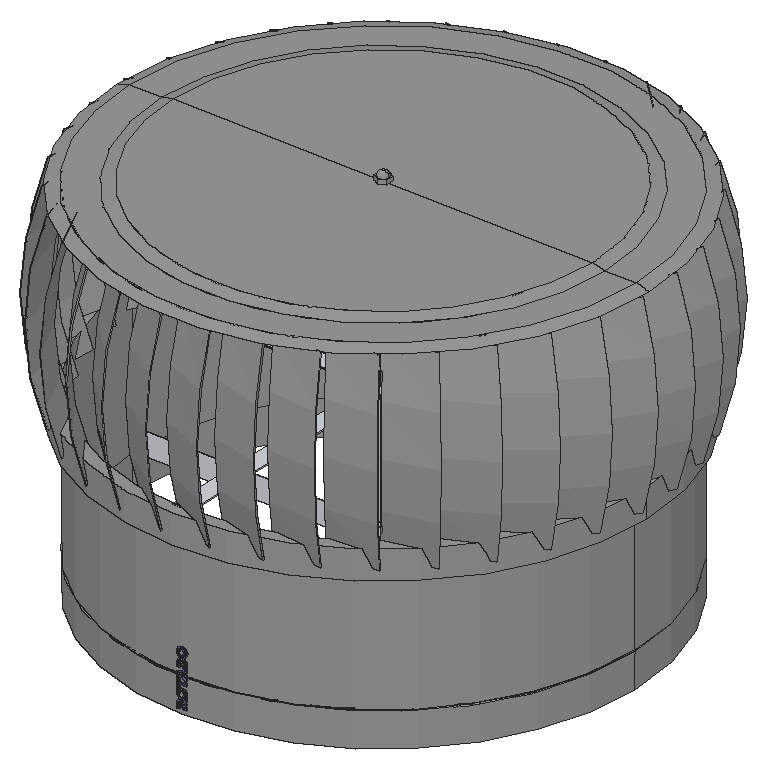
Revit family "ROTADO_РотационныйДефлектор_TST", category Воздухораспределители, Revit 2019
Family settings
  Размер круглого соединителя = Использовать диаметр
  Тип детали = Нормальный
  На основе рабочей плоскости = Нет
  Всегда вертикально = Да
  При загрузке вырезать с полостями = Нет
  Общий = Нет
  Точка расчета площади = Нет
Parameters (values of type "TST-800")
  Угол_Ламель [instance] = atan(((Высота_ламель * 0.5) / (D_1 / 2)) / sqrt(1 - ((Высота_ламель * 0.5) / (D_1 / 2)) * ((Высота_ламель * 0.5) / (D_1 / 2))))  # 20.0123°
  Производитель_Контакты_Телефон = "88007002460"  # constant formula
  Производитель_Контакты_Почта = "sale@rotado.ru"  # constant formula
  Описание = "Вентиляционное вытяжное устройство, предназначенное для защиты воздуховодов и усиления тяги."  # constant formula
  Изготовитель = "ROTADO"  # constant formula
  Длина остатка_Ламель [instance] = (Высота_ламель * 0.5) / tan(Угол_Ламель)  # 422.829 mm
  Высота_ламель = H - 25 mm - h - 17 mm  # 308 mm
  h = 250 mm
  Watermark [instance] = "Модели защищены уникальным кодом"
  URL = "https://rotado.ru/"
  H = 600 mm
  D_1 = 900 mm
  D = 802 mm
  ADSK_Этаж [instance] = ""
  ADSK_Расход воздуха [instance] = 0.0 L/s
  ADSK_Размер_Ширина = 900 mm
  ADSK_Размер_Длина = 900 mm
  ADSK_Размер_Диаметр = 800 mm
  ADSK_Размер_Высота = 600 mm
  ADSK_Примечание [instance] = ""
  ADSK_Потеря давления воздуха [instance] = 0.0 Pa
  ADSK_Позиция [instance] = ""
  ADSK_Обозначение = "ROTADO TST-800"
  ADSK_Наименование краткое [instance] = "Цокольный дефлектор"
  ADSK_Наименование = "Ротационный дефлектор"  # constant formula
  ADSK_Материал = ROTADO_Сталь_Нержавеющая_Оцинкованная
  ADSK_Масса_Текст = "11"
  ADSK_Масса = 11
  ADSK_Марка = ADSK_Обозначение  # "ROTADO TST-800"
  ADSK_Количество = 1  # constant formula
  ADSK_Завод-изготовитель = "ROTADO"  # constant formula
  ADSK_Единица измерения = "шт."  # constant formula
  ADSK_Группирование [instance] = ""
  ADSK_Версия Revit = "2019"  # constant formula
  ADSK_URL страницы изделия = "https://rotado.ru/catalog/turbodeflektory/2-rotado-tst-100-otsinkovannyy-metall/"
  ADSK_URL документации изделия = "https://rotado.ru/catalog/turbodeflektory/2-rotado-tst-100-otsinkovannyy-metall/"
Types (7, lengths in mm): name | Угол_Ламель | Длина остатка_Ламель | Высота_ламель | h | H | D_1 | D | ADSK_Размер_Ширина | ADSK_Размер_Длина | ADSK_Размер_Диаметр | ADSK_Размер_Высота | ADSK_Обозначение | ADSK_Масса_Текст | ADSK_Масса | ADSK_Марка
  TST-315 | 31.2104° | 188.16 | 228 | 100 | 370 | 440 | 317 | 440 | 440 | 315 | 370 | "ROTADO TST-315" | "3" | 3 | "ROTADO TST-315"
  TST-355 | 38.0246° | 196.937 | 308 | 100 | 450 | 500 | 357 | 500 | 500 | 355 | 450 | "ROTADO TST-355" | "3.2" | 3.2 | "ROTADO TST-355"
  TST-400 | 31.5765° | 234.284 | 288 | 200 | 530 | 550 | 402 | 550 | 550 | 400 | 530 | "ROTADO TST-400" | "4" | 4 | "ROTADO TST-400"
  TST-500 | 28.6854° | 263.181 | 288 | 200 | 530 | 600 | 502 | 600 | 600 | 500 | 530 | "ROTADO TST-500" | "5" | 5 | "ROTADO TST-500"
  TST-600 | 22.6437° | 369.167 | 308 | 250 | 600 | 800 | 602 | 800 | 800 | 600 | 600 | "ROTADO TST-600" | "7" | 7 | "ROTADO TST-600"
  TST-680 | 22.6437° | 369.167 | 308 | 250 | 600 | 800 | 682 | 800 | 800 | 680 | 600 | "ROTADO TST-680" | "9" | 9 | "ROTADO TST-680"
  TST-800 | 20.0123° | 422.829 | 308 | 250 | 600 | 900 | 802 | 900 | 900 | 800 | 600 | "ROTADO TST-800" | "11" | 11 | "ROTADO TST-800"
Reference planes
  plane 1 "По центру (Вперед/Назад)": y = 0
  plane 2: z = 0
  plane 3 "По центру (Влево/Вправо)": x = 0
  plane 4: x = -401
  plane 5: x = 401
  plane 6: y = 401
  plane 7: y = -401
  plane 8: z = 55
  plane 9: z = 250
  plane 10: z = 295
  plane 11: x = -400
  plane 12: z = 54
  plane 13: x = -400
  plane 14: z = 56
  plane 15: x = -420
  plane 16: z = 267
  plane 17: z = 600
  plane 18: x = -450
  plane 19: x = 450
  plane 20: y = -450
  plane 21: y = 450
  plane 22: z = 575
  plane 23: z = 580
  plane 24: z = 585
  plane 25: z = 421
  plane 26: z = 641
  plane 27: x = -422.829
  plane 28: x = -402.829
  plane 29: x = -332.829
  plane 30: x = -352.829
  plane 31: z = 592
  plane 32: x = -10.176
  plane 33: x = 10.176
  plane 34: y = -5
  plane 35: z = 100
  plane 36: y = -15
  plane 37: z = 294
  plane 38: z = 294
  plane 39: x = -400
  plane 40: x = 400
  plane 41: z = 95
  plane 42: z = 60
  plane 43: x = -419
Forms (mm)
  Revolve 1, solid, material "ROTADO_Сталь_Нержавеющая_Оцинкованная" <- "ADSK_Материал", detail levels medium+fine
    sketch origin (0, 0, 0) x (1, 0, 0) y (0, 0, 1)
      loop
        line (-401, 0) -> (-400, 0) -> (-400, 55) -> (-401, 54) -> (-401, 0)
      axis (0, 0) -> (0, 55)
    angle from 0 to 360
  Revolve 2, solid, material "ROTADO_Сталь_Нержавеющая_Оцинкованная" <- "ADSK_Материал", detail levels medium+fine
    sketch origin (0, 0, 0) x (1, 0, 0) y (0, 0, 1)
      loop
        line (-400, 295) -> (-420, 295) -> (-420, 250) -> (-419, 250) -> (-419, 294) -> (-401, 294) -> (-401, 56) -> (-400, 55) -> (-400, 295)
      axis (0, 55) -> (0, 295)
    angle from 0 to 360
  Revolve 3, solid, material "ROTADO_Сталь_Нержавеющая_Оцинкованная" <- "ADSK_Материал", detail levels medium+fine
    sketch origin (0, 0, 0) x (1, 0, 0) y (0, 0, 1)
      loop
        line (0, 585) -> (-332.829, 585) -> (-352.829, 580) -> (-402.829, 580) -> (-422.829, 575) -> (0, 575) -> (0, 585)
      axis (0, 575) -> (0, 585)
    angle from 0 to 360
  Extrusion 4, solid, material "ROTADO_Сталь_Нержавеющая_Оцинкованная" <- "ADSK_Материал", detail levels medium+fine
    sketch origin (0, 0, 0) x (1, 0, 0) y (0, 1, 0)
      loop
        line (0, -11.75) -> (10.176, -5.875) -> (10.176, 5.875) -> (0, 11.75) -> (-10.176, 5.875) -> (-10.176, -5.875) -> (0, -11.75)
    from 585 to 592
  Revolve 5, solid, material "ROTADO_Сталь_Нержавеющая_Оцинкованная" <- "ADSK_Материал", detail levels medium+fine
    sketch origin (0, 0, 0) x (1, 0, 0) y (0, 0, 1)
      loop
        arc (0, 600) -> (-5.657, 597.657) -> (-8, 592) r 8
        line (-8, 592) -> (0, 592) -> (0, 600)
      axis (0, 592) -> (0, 600)
    angle from 0 to 360
  Revolve 6, solid, detail levels medium+fine
    sketch origin (0, 0, 0) x (0, 1, 0) y (0, 0, 1)
      loop
        line (0, 55) -> (0, 575) -> (-5, 575) -> (-5, 100) -> (-15, 100) -> (-15, 55) -> (0, 55)
      axis (0, 575) -> (0, 55)
    angle from 0 to 360
  Extrusion 7, solid, detail levels medium+fine
    sketch origin (0, 0, 0) x (1, 0, 0) y (0, 1, 0)
      loop
        line (401, 15) -> (15, 15) -> (15, 401) -> (-15, 401) -> (-15, 15) -> (-401, 15) -> (-401, -15) -> (-15, -15) -> (-15, -401) -> (15, -401) -> (15, -15) -> (401, -15) -> (401, 15)
    from 294 to 295
  Extrusion 8, solid, detail levels medium+fine
    sketch origin (0, 0, 0) x (1, 0, 0) y (0, 0, 1)
      loop
        line (-400, 95) -> (-400, 60) -> (400, 60) -> (400, 95) -> (-400, 95)
    from -1 to 1
Dimensions and locks
  equal spacing: plane 4, plane 3 "По центру (Влево/Вправо)", plane 5
  "D": plane 4 to plane 5
  equal spacing: plane 6, plane 1 "По центру (Вперед/Назад)", plane 7
  "D": plane 6 to plane 7
  "h": plane 9 to plane 2
  locked: plane 8 to plane 2 at 55
  locked: plane 10 to plane 9 at 45
  locked: plane 8 to plane 12 at 1
  locked: plane 11 to plane 4 at 1
  locked: plane 14 to plane 8 at 1
  locked: plane 13 to plane 4 at 1
  locked: plane 16 to plane 9 at 17
  "H": plane 17 to plane 2
  equal spacing: plane 20, plane 1 "По центру (Вперед/Назад)", plane 21
  equal spacing: plane 18, plane 3 "По центру (Влево/Вправо)", plane 19
  "D_1": plane 18 to plane 19
  "D_1": plane 21 to plane 20
  locked: plane 17 to plane 22 at 25
  equal spacing: plane 22, plane 25, plane 16
  plane 26 to plane 25 = 220 mm
  "Длина остатка_Ламель": plane 3 "По центру (Влево/Вправо)" to plane 27
  locked: plane 28 to plane 27 at 20
  locked: plane 30 to plane 28 at 50
  locked: plane 29 to plane 30 at 20
  locked: plane 15 to plane 18 at 30
  locked: plane 23 to plane 22 at 5
  locked: plane 24 to plane 23 at 5
  locked: plane 31 to plane 24 at 7
  plane 32 to plane 3 "По центру (Влево/Вправо)" to plane 33 = 10.176 mm locked, 10.176 mm locked
  Extrusion 4 sketch curve to plane 1 "По центру (Вперед/Назад)" to Extrusion 4 sketch curve = 11.75 mm locked, 11.75 mm locked
  locked: plane 1 "По центру (Вперед/Назад)" to plane 34 at 5
  locked: plane 37 to plane 10 at 1
  equal spacing: Extrusion 7 sketch curve, plane 1 "По центру (Вперед/Назад)", Extrusion 7 sketch curve
  locked: Extrusion 7 sketch curve to Extrusion 7 sketch curve at 30  (x2)
  equal spacing: Extrusion 7 sketch curve, plane 3 "По центру (Влево/Вправо)", Extrusion 7 sketch curve
  locked: plane 10 to plane 38 at 1
  locked: plane 39 to plane 4 at 1
  locked: plane 5 to plane 40 at 1
  locked: plane 42 to plane 8 at 5
  locked: plane 41 to plane 42 at 35
  locked: plane 35 to plane 8 at 45
  locked: plane 43 to plane 15 at 1
  locked: Extrusion 4 sketch curve to Extrusion 4 sketch curve (angle 120.00°)  (x5)
  aligned and locked: level to plane 2
  aligned and locked: plane 3 "По центру (Влево/Вправо)" to Revolve 1 sketch curve
  aligned and locked: plane 4 to Revolve 1 sketch curve  (x2)
  aligned and locked: plane 12 to Revolve 1 sketch curve
  aligned and locked: plane 10 to Revolve 2 sketch curve
  aligned and locked: Revolve 2 sketch curve to plane 15
  aligned and locked: Revolve 2 sketch curve to plane 4
  aligned and locked: plane 14 to Revolve 2 sketch curve
  aligned and locked: plane 4 to Revolve 2 sketch curve
  aligned and locked: plane 3 "По центру (Влево/Вправо)" to Revolve 2 sketch curve
  aligned and locked: plane 3 "По центру (Влево/Вправо)" to nested 1
  aligned and locked: plane 1 "По центру (Вперед/Назад)" to nested 1
  aligned and locked: nested 1 to plane 25
  aligned and locked: plane 3 "По центру (Влево/Вправо)" to Revolve 3 sketch curve
  aligned and locked: Revolve 3 sketch curve to plane 22
  aligned and locked: nested 1 to Revolve 3 sketch curve
  aligned and locked: plane 24 to Revolve 3 sketch curve  (x2)
  aligned and locked: plane 27 to Revolve 3 sketch curve
  aligned and locked: plane 28 to Revolve 3 sketch curve
  aligned and locked: plane 29 to Revolve 3 sketch curve
  aligned and locked: plane 23 to Revolve 3 sketch curve  (x2)
  aligned and locked: plane 30 to Revolve 3 sketch curve
  aligned and locked: Extrusion 4 to plane 24
  aligned and locked: plane 31 to Extrusion 4
  aligned and locked: plane 3 "По центру (Влево/Вправо)" to Revolve 5 sketch curve
  aligned and locked: plane 31 to Revolve 5 sketch curve  (x2)
  aligned and locked: Revolve 5 sketch curve to plane 3 "По центру (Влево/Вправо)"
  aligned and locked: plane 17 to Revolve 5 sketch curve
  aligned and locked: plane 33 to Extrusion 4 sketch curve
  aligned and locked: Extrusion 4 sketch curve to plane 32
  aligned and locked: plane 8 to nested 2
  aligned and locked: plane 8 to Revolve 1 sketch curve
  aligned and locked: plane 2 to Revolve 1 sketch curve
  aligned and locked: plane 11 to Revolve 1 sketch curve
  aligned and locked: Revolve 1 sketch curve to plane 2
  aligned and locked: plane 13 to Revolve 2 sketch curve  (x2)
  aligned and locked: plane 34 to Revolve 6 sketch curve
  aligned and locked: plane 35 to Revolve 6 sketch curve
  aligned and locked: plane 36 to Revolve 6 sketch curve
  aligned and locked: plane 1 "По центру (Вперед/Назад)" to Revolve 6 sketch curve
  aligned and locked: plane 22 to Revolve 6 sketch curve  (x2)
  aligned and locked: Revolve 6 sketch curve to plane 1 "По центру (Вперед/Назад)"
  aligned and locked: plane 4 to Extrusion 7 sketch curve
  aligned and locked: Extrusion 7 sketch curve to plane 5
  aligned and locked: Extrusion 7 to plane 10
  aligned and locked: Extrusion 7 to plane 38
  aligned and locked: Extrusion 8 sketch curve to plane 41
  aligned and locked: Extrusion 8 sketch curve to plane 42
  aligned and locked: Extrusion 8 sketch curve to plane 40
  aligned and locked: Extrusion 8 sketch curve to plane 39
  aligned and locked: Revolve 6 sketch curve to plane 8
  aligned and locked: Revolve 2 sketch curve to plane 43
Automatic sketch dimensions
  plane 23 to Revolve 3 sketch curve = 5 mm
  plane 17 to Revolve 3 sketch curve = 35 mm
  Extrusion 4 sketch curve to plane 3 "По центру (Влево/Вправо)" = 0 mm  (x2)
  Revolve 1 sketch curve to level = 235 mm
  Revolve 1 sketch curve to plane 25 = 11 mm
  Revolve 6 sketch curve to level = 520.992 mm
  plane 17 to Revolve 6 sketch curve = 2371.474 mm
  Revolve 5 sketch curve to plane 24 = 1.297 mm
  Revolve 5 sketch curve to Revolve 5 sketch curve = 8.703 mm
  Extrusion 7 sketch curve to plane 7 = 0 mm
  Extrusion 7 sketch curve to plane 6 = 0 mm
  Extrusion 7 sketch curve to plane 3 "По центру (Влево/Вправо)" = 15 mm
  plane 3 "По центру (Влево/Вправо)" to Extrusion 7 sketch curve = 15 mm
  plane 1 "По центру (Вперед/Назад)" to Extrusion 7 sketch curve = 15 mm
  Extrusion 7 sketch curve to plane 1 "По центру (Вперед/Назад)" = 15 mm
  Revolve 2 sketch curve to plane 37 = 0 mm
  Revolve 2 sketch curve to plane 9 = 0 mm
  Revolve 2 sketch curve to plane 8 = 0 mm
  Revolve 2 sketch curve to level = 95 mm
  plane 25 to Revolve 2 sketch curve = 4 mm
Nested families
  nested 1: "ROTADO_NOSHD_Ламель_Массив" at (0, 0, 421), Диаметр_Ламель <- "D_1", Высота_Ламель <- "Высота_ламель", Материал_Ламель <- "ADSK_Материал", type "ROTADO_NOSHD_Ламель_Массив", detail levels medium+fine
    with Ширина_Ламель 60 mm, Шаг_Ламель 10 mm, Материал_Ламель ROTADO_Сталь_Нержавеющая_Оцинкованная, Количество_Ламель 72, Диаметр_Ламель 900 mm, Высота_Ламель 308 mm
  nested 2: "RORADO_Logo_MIN" at (0.292, -401, -68.177) x (0, 0, 1) z (0.0007, -1, 0), type "RORADO_Logo_MIN", detail levels medium+fine
    with Толщина текста 2 mm, h2 -2 mm
Connectors
  hvac at (0, 0, 0), driven by "ADSK_Расход воздуха", driven by "ADSK_Размер_Диаметр", driven by "ADSK_Потеря давления воздуха"
    settings: on Revolve 1, index 1, duct flow 0.0 L/s, flow factor 0, pres drop 0.0 Pa, loss coef 0, conn angle 0.00°, conn width 304.8 mm, conn height 304.8 mm, conn diameter 800 mm, duct sys type 3, conn prof type 0, flow config 0, flow direction 1, loss method 4, conn ref index -1, conn util no, is conn primary yes, conn desc ""
Definition of nested family "ROTADO_NOSHD_Ламель_Массив"
  Parameters (values of type "ROTADO_NOSHD_Ламель_Массив")
    Ширина_Ламель [instance] = 60 mm  # constant formula
    Шаг_Ламель [instance] = 10 mm  # constant formula
    Description = ""
    Материал_Ламель [instance] = none
    Количество_Ламель [instance] = 72  # constant formula
    Manufacturer = ""
    Диаметр_Ламель [instance] = 440 mm
    Высота_Ламель [instance] = 228 mm
  Reference planes
    plane 1 "По центру (Вперед/Назад)": y = 0
    plane 2: z = 0
    plane 3 "По центру (Влево/Вправо)": x = 0
  Dimensions and locks
    aligned and locked: level to plane 2
  Nested families
    nested 1: "ROTADO_NOSHD_Ламель" at (0, 0, 0) x (0.9578, -0.2873, 0) z (0, 0, 1), Ламель_Высота_H <- "Высота_Ламель", Ламель_ВнешняяГраница_D1 <- "Диаметр_Ламель", Материал_Ламель <- "Материал_Ламель", type "ROTADO_NOSHD_Ламель"
      with Материал_Ламель none, Ламель_Ширина 70 mm, Ламель_Высота_НижеОси_h2 114 mm, Ламель_Высота_ВышеОси_h1 114 mm, Ламель_Высота_H 228 mm, Ламель_ВнутренняяГраница_d1 370 mm, Ламель_ВнешняяГраница_D1 440 mm, d2 368 mm, D2 438 mm
    nested 2: "ROTADO_NOSHD_Ламель" at (0, 0, 0) x (0.9932, -0.1167, 0) z (0, 0, 1), Ламель_Высота_H <- "Высота_Ламель", Ламель_ВнешняяГраница_D1 <- "Диаметр_Ламель", Материал_Ламель <- "Материал_Ламель", type "ROTADO_NOSHD_Ламель"
      with Материал_Ламель none, Ламель_Ширина 70 mm, Ламель_Высота_НижеОси_h2 114 mm, Ламель_Высота_ВышеОси_h1 114 mm, Ламель_Высота_H 228 mm, Ламель_ВнутренняяГраница_d1 370 mm, Ламель_ВнешняяГраница_D1 440 mm, d2 368 mm, D2 438 mm
    nested 3: "ROTADO_NOSHD_Ламель" at (0, 0, 0) x (0.9983, 0.0576, 0) z (0, 0, 1), Ламель_Высота_H <- "Высота_Ламель", Ламель_ВнешняяГраница_D1 <- "Диаметр_Ламель", Материал_Ламель <- "Материал_Ламель", type "ROTADO_NOSHD_Ламель"
      with Материал_Ламель none, Ламель_Ширина 70 mm, Ламель_Высота_НижеОси_h2 114 mm, Ламель_Высота_ВышеОси_h1 114 mm, Ламель_Высота_H 228 mm, Ламель_ВнутренняяГраница_d1 370 mm, Ламель_ВнешняяГраница_D1 440 mm, d2 368 mm, D2 438 mm
    nested 4: "ROTADO_NOSHD_Ламель" at (0, 0, 0) x (0.9732, 0.2301, 0) z (0, 0, 1), Ламель_Высота_H <- "Высота_Ламель", Ламель_ВнешняяГраница_D1 <- "Диаметр_Ламель", Материал_Ламель <- "Материал_Ламель", type "ROTADO_NOSHD_Ламель"
      with Материал_Ламель none, Ламель_Ширина 70 mm, Ламель_Высота_НижеОси_h2 114 mm, Ламель_Высота_ВышеОси_h1 114 mm, Ламель_Высота_H 228 mm, Ламель_ВнутренняяГраница_d1 370 mm, Ламель_ВнешняяГраница_D1 440 mm, d2 368 mm, D2 438 mm
    nested 5: "ROTADO_NOSHD_Ламель" at (0, 0, 0) x (0.9184, 0.3956, 0) z (0, 0, 1), Ламель_Высота_H <- "Высота_Ламель", Ламель_ВнешняяГраница_D1 <- "Диаметр_Ламель", Материал_Ламель <- "Материал_Ламель", type "ROTADO_NOSHD_Ламель"
      with Материал_Ламель none, Ламель_Ширина 70 mm, Ламель_Высота_НижеОси_h2 114 mm, Ламель_Высота_ВышеОси_h1 114 mm, Ламель_Высота_H 228 mm, Ламель_ВнутренняяГраница_d1 370 mm, Ламель_ВнешняяГраница_D1 440 mm, d2 368 mm, D2 438 mm
    nested 6: "ROTADO_NOSHD_Ламель" at (0, 0, 0) x (0.8358, 0.549, 0) z (0, 0, 1), Ламель_Высота_H <- "Высота_Ламель", Ламель_ВнешняяГраница_D1 <- "Диаметр_Ламель", Материал_Ламель <- "Материал_Ламель", type "ROTADO_NOSHD_Ламель"
      with Материал_Ламель none, Ламель_Ширина 70 mm, Ламель_Высота_НижеОси_h2 114 mm, Ламель_Высота_ВышеОси_h1 114 mm, Ламель_Высота_H 228 mm, Ламель_ВнутренняяГраница_d1 370 mm, Ламель_ВнешняяГраница_D1 440 mm, d2 368 mm, D2 438 mm
    nested 7: "ROTADO_NOSHD_Ламель" at (0, 0, 0) x (0.7278, 0.6858, 0) z (0, 0, 1), Ламель_Высота_H <- "Высота_Ламель", Ламель_ВнешняяГраница_D1 <- "Диаметр_Ламель", Материал_Ламель <- "Материал_Ламель", type "ROTADO_NOSHD_Ламель"
      with Материал_Ламель none, Ламель_Ширина 70 mm, Ламель_Высота_НижеОси_h2 114 mm, Ламель_Высота_ВышеОси_h1 114 mm, Ламель_Высота_H 228 mm, Ламель_ВнутренняяГраница_d1 370 mm, Ламель_ВнешняяГраница_D1 440 mm, d2 368 mm, D2 438 mm
    nested 8: "ROTADO_NOSHD_Ламель" at (0, 0, 0) x (0.5976, 0.8018, 0) z (0, 0, 1), Ламель_Высота_H <- "Высота_Ламель", Ламель_ВнешняяГраница_D1 <- "Диаметр_Ламель", Материал_Ламель <- "Материал_Ламель", type "ROTADO_NOSHD_Ламель"
      with Материал_Ламель none, Ламель_Ширина 70 mm, Ламель_Высота_НижеОси_h2 114 mm, Ламель_Высота_ВышеОси_h1 114 mm, Ламель_Высота_H 228 mm, Ламель_ВнутренняяГраница_d1 370 mm, Ламель_ВнешняяГраница_D1 440 mm, d2 368 mm, D2 438 mm
    nested 9: "ROTADO_NOSHD_Ламель" at (0, 0, 0) x (0.4493, 0.8934, 0) z (0, 0, 1), Ламель_Высота_H <- "Высота_Ламель", Ламель_ВнешняяГраница_D1 <- "Диаметр_Ламель", Материал_Ламель <- "Материал_Ламель", type "ROTADO_NOSHD_Ламель"
      with Материал_Ламель none, Ламель_Ширина 70 mm, Ламель_Высота_НижеОси_h2 114 mm, Ламель_Высота_ВышеОси_h1 114 mm, Ламель_Высота_H 228 mm, Ламель_ВнутренняяГраница_d1 370 mm, Ламель_ВнешняяГраница_D1 440 mm, d2 368 mm, D2 438 mm
    nested 10: "ROTADO_NOSHD_Ламель" at (0, 0, 0) x (0.2873, 0.9578, 0) z (0, 0, 1), Ламель_Высота_H <- "Высота_Ламель", Ламель_ВнешняяГраница_D1 <- "Диаметр_Ламель", Материал_Ламель <- "Материал_Ламель", type "ROTADO_NOSHD_Ламель"
      with Материал_Ламель none, Ламель_Ширина 70 mm, Ламель_Высота_НижеОси_h2 114 mm, Ламель_Высота_ВышеОси_h1 114 mm, Ламель_Высота_H 228 mm, Ламель_ВнутренняяГраница_d1 370 mm, Ламель_ВнешняяГраница_D1 440 mm, d2 368 mm, D2 438 mm
    nested 11: "ROTADO_NOSHD_Ламель" at (0, 0, 0) x (0.1167, 0.9932, 0) z (0, 0, 1), Ламель_Высота_H <- "Высота_Ламель", Ламель_ВнешняяГраница_D1 <- "Диаметр_Ламель", Материал_Ламель <- "Материал_Ламель", type "ROTADO_NOSHD_Ламель"
      with Материал_Ламель none, Ламель_Ширина 70 mm, Ламель_Высота_НижеОси_h2 114 mm, Ламель_Высота_ВышеОси_h1 114 mm, Ламель_Высота_H 228 mm, Ламель_ВнутренняяГраница_d1 370 mm, Ламель_ВнешняяГраница_D1 440 mm, d2 368 mm, D2 438 mm
    nested 12: "ROTADO_NOSHD_Ламель" at (0, 0, 0) x (-0.0576, 0.9983, 0) z (0, 0, 1), Ламель_Высота_H <- "Высота_Ламель", Ламель_ВнешняяГраница_D1 <- "Диаметр_Ламель", Материал_Ламель <- "Материал_Ламель", type "ROTADO_NOSHD_Ламель"
      with Материал_Ламель none, Ламель_Ширина 70 mm, Ламель_Высота_НижеОси_h2 114 mm, Ламель_Высота_ВышеОси_h1 114 mm, Ламель_Высота_H 228 mm, Ламель_ВнутренняяГраница_d1 370 mm, Ламель_ВнешняяГраница_D1 440 mm, d2 368 mm, D2 438 mm
    nested 13: "ROTADO_NOSHD_Ламель" at (0, 0, 0) x (-0.2301, 0.9732, 0) z (0, 0, 1), Ламель_Высота_H <- "Высота_Ламель", Ламель_ВнешняяГраница_D1 <- "Диаметр_Ламель", Материал_Ламель <- "Материал_Ламель", type "ROTADO_NOSHD_Ламель"
      with Материал_Ламель none, Ламель_Ширина 70 mm, Ламель_Высота_НижеОси_h2 114 mm, Ламель_Высота_ВышеОси_h1 114 mm, Ламель_Высота_H 228 mm, Ламель_ВнутренняяГраница_d1 370 mm, Ламель_ВнешняяГраница_D1 440 mm, d2 368 mm, D2 438 mm
    nested 14: "ROTADO_NOSHD_Ламель" at (0, 0, 0) x (-0.3956, 0.9184, 0) z (0, 0, 1), Ламель_Высота_H <- "Высота_Ламель", Ламель_ВнешняяГраница_D1 <- "Диаметр_Ламель", Материал_Ламель <- "Материал_Ламель", type "ROTADO_NOSHD_Ламель"
      with Материал_Ламель none, Ламель_Ширина 70 mm, Ламель_Высота_НижеОси_h2 114 mm, Ламель_Высота_ВышеОси_h1 114 mm, Ламель_Высота_H 228 mm, Ламель_ВнутренняяГраница_d1 370 mm, Ламель_ВнешняяГраница_D1 440 mm, d2 368 mm, D2 438 mm
    nested 15: "ROTADO_NOSHD_Ламель" at (0, 0, 0) x (-0.549, 0.8358, 0) z (0, 0, 1), Ламель_Высота_H <- "Высота_Ламель", Ламель_ВнешняяГраница_D1 <- "Диаметр_Ламель", Материал_Ламель <- "Материал_Ламель", type "ROTADO_NOSHD_Ламель"
      with Материал_Ламель none, Ламель_Ширина 70 mm, Ламель_Высота_НижеОси_h2 114 mm, Ламель_Высота_ВышеОси_h1 114 mm, Ламель_Высота_H 228 mm, Ламель_ВнутренняяГраница_d1 370 mm, Ламель_ВнешняяГраница_D1 440 mm, d2 368 mm, D2 438 mm
    nested 16: "ROTADO_NOSHD_Ламель" at (0, 0, 0) x (-0.6858, 0.7278, 0) z (0, 0, 1), Ламель_Высота_H <- "Высота_Ламель", Ламель_ВнешняяГраница_D1 <- "Диаметр_Ламель", Материал_Ламель <- "Материал_Ламель", type "ROTADO_NOSHD_Ламель"
      with Материал_Ламель none, Ламель_Ширина 70 mm, Ламель_Высота_НижеОси_h2 114 mm, Ламель_Высота_ВышеОси_h1 114 mm, Ламель_Высота_H 228 mm, Ламель_ВнутренняяГраница_d1 370 mm, Ламель_ВнешняяГраница_D1 440 mm, d2 368 mm, D2 438 mm
    nested 17: "ROTADO_NOSHD_Ламель" at (0, 0, 0) x (-0.8018, 0.5976, 0) z (0, 0, 1), Ламель_Высота_H <- "Высота_Ламель", Ламель_ВнешняяГраница_D1 <- "Диаметр_Ламель", Материал_Ламель <- "Материал_Ламель", type "ROTADO_NOSHD_Ламель"
      with Материал_Ламель none, Ламель_Ширина 70 mm, Ламель_Высота_НижеОси_h2 114 mm, Ламель_Высота_ВышеОси_h1 114 mm, Ламель_Высота_H 228 mm, Ламель_ВнутренняяГраница_d1 370 mm, Ламель_ВнешняяГраница_D1 440 mm, d2 368 mm, D2 438 mm
    nested 18: "ROTADO_NOSHD_Ламель" at (0, 0, 0) x (-0.8934, 0.4493, 0) z (0, 0, 1), Ламель_Высота_H <- "Высота_Ламель", Ламель_ВнешняяГраница_D1 <- "Диаметр_Ламель", Материал_Ламель <- "Материал_Ламель", type "ROTADO_NOSHD_Ламель"
      with Материал_Ламель none, Ламель_Ширина 70 mm, Ламель_Высота_НижеОси_h2 114 mm, Ламель_Высота_ВышеОси_h1 114 mm, Ламель_Высота_H 228 mm, Ламель_ВнутренняяГраница_d1 370 mm, Ламель_ВнешняяГраница_D1 440 mm, d2 368 mm, D2 438 mm
    nested 19: "ROTADO_NOSHD_Ламель" at (0, 0, 0) x (-0.9578, 0.2873, 0) z (0, 0, 1), Ламель_Высота_H <- "Высота_Ламель", Ламель_ВнешняяГраница_D1 <- "Диаметр_Ламель", Материал_Ламель <- "Материал_Ламель", type "ROTADO_NOSHD_Ламель"
      with Материал_Ламель none, Ламель_Ширина 70 mm, Ламель_Высота_НижеОси_h2 114 mm, Ламель_Высота_ВышеОси_h1 114 mm, Ламель_Высота_H 228 mm, Ламель_ВнутренняяГраница_d1 370 mm, Ламель_ВнешняяГраница_D1 440 mm, d2 368 mm, D2 438 mm
    nested 20: "ROTADO_NOSHD_Ламель" at (0, 0, 0) x (-0.9932, 0.1167, 0) z (0, 0, 1), Ламель_Высота_H <- "Высота_Ламель", Ламель_ВнешняяГраница_D1 <- "Диаметр_Ламель", Материал_Ламель <- "Материал_Ламель", type "ROTADO_NOSHD_Ламель"
      with Материал_Ламель none, Ламель_Ширина 70 mm, Ламель_Высота_НижеОси_h2 114 mm, Ламель_Высота_ВышеОси_h1 114 mm, Ламель_Высота_H 228 mm, Ламель_ВнутренняяГраница_d1 370 mm, Ламель_ВнешняяГраница_D1 440 mm, d2 368 mm, D2 438 mm
    nested 21: "ROTADO_NOSHD_Ламель" at (0, 0, 0) x (-0.9983, -0.0576, 0) z (0, 0, 1), Ламель_Высота_H <- "Высота_Ламель", Ламель_ВнешняяГраница_D1 <- "Диаметр_Ламель", Материал_Ламель <- "Материал_Ламель", type "ROTADO_NOSHD_Ламель"
      with Материал_Ламель none, Ламель_Ширина 70 mm, Ламель_Высота_НижеОси_h2 114 mm, Ламель_Высота_ВышеОси_h1 114 mm, Ламель_Высота_H 228 mm, Ламель_ВнутренняяГраница_d1 370 mm, Ламель_ВнешняяГраница_D1 440 mm, d2 368 mm, D2 438 mm
    nested 22: "ROTADO_NOSHD_Ламель" at (0, 0, 0) x (-0.9732, -0.2301, 0) z (0, 0, 1), Ламель_Высота_H <- "Высота_Ламель", Ламель_ВнешняяГраница_D1 <- "Диаметр_Ламель", Материал_Ламель <- "Материал_Ламель", type "ROTADO_NOSHD_Ламель"
      with Материал_Ламель none, Ламель_Ширина 70 mm, Ламель_Высота_НижеОси_h2 114 mm, Ламель_Высота_ВышеОси_h1 114 mm, Ламель_Высота_H 228 mm, Ламель_ВнутренняяГраница_d1 370 mm, Ламель_ВнешняяГраница_D1 440 mm, d2 368 mm, D2 438 mm
    nested 23: "ROTADO_NOSHD_Ламель" at (0, 0, 0) x (-0.9184, -0.3956, 0) z (0, 0, 1), Ламель_Высота_H <- "Высота_Ламель", Ламель_ВнешняяГраница_D1 <- "Диаметр_Ламель", Материал_Ламель <- "Материал_Ламель", type "ROTADO_NOSHD_Ламель"
      with Материал_Ламель none, Ламель_Ширина 70 mm, Ламель_Высота_НижеОси_h2 114 mm, Ламель_Высота_ВышеОси_h1 114 mm, Ламель_Высота_H 228 mm, Ламель_ВнутренняяГраница_d1 370 mm, Ламель_ВнешняяГраница_D1 440 mm, d2 368 mm, D2 438 mm
    nested 24: "ROTADO_NOSHD_Ламель" at (0, 0, 0) x (-0.8358, -0.549, 0) z (0, 0, 1), Ламель_Высота_H <- "Высота_Ламель", Ламель_ВнешняяГраница_D1 <- "Диаметр_Ламель", Материал_Ламель <- "Материал_Ламель", type "ROTADO_NOSHD_Ламель"
      with Материал_Ламель none, Ламель_Ширина 70 mm, Ламель_Высота_НижеОси_h2 114 mm, Ламель_Высота_ВышеОси_h1 114 mm, Ламель_Высота_H 228 mm, Ламель_ВнутренняяГраница_d1 370 mm, Ламель_ВнешняяГраница_D1 440 mm, d2 368 mm, D2 438 mm
    nested 25: "ROTADO_NOSHD_Ламель" at (0, 0, 0) x (-0.7278, -0.6858, 0) z (0, 0, 1), Ламель_Высота_H <- "Высота_Ламель", Ламель_ВнешняяГраница_D1 <- "Диаметр_Ламель", Материал_Ламель <- "Материал_Ламель", type "ROTADO_NOSHD_Ламель"
      with Материал_Ламель none, Ламель_Ширина 70 mm, Ламель_Высота_НижеОси_h2 114 mm, Ламель_Высота_ВышеОси_h1 114 mm, Ламель_Высота_H 228 mm, Ламель_ВнутренняяГраница_d1 370 mm, Ламель_ВнешняяГраница_D1 440 mm, d2 368 mm, D2 438 mm
    nested 26: "ROTADO_NOSHD_Ламель" at (0, 0, 0) x (-0.5976, -0.8018, 0) z (0, 0, 1), Ламель_Высота_H <- "Высота_Ламель", Ламель_ВнешняяГраница_D1 <- "Диаметр_Ламель", Материал_Ламель <- "Материал_Ламель", type "ROTADO_NOSHD_Ламель"
      with Материал_Ламель none, Ламель_Ширина 70 mm, Ламель_Высота_НижеОси_h2 114 mm, Ламель_Высота_ВышеОси_h1 114 mm, Ламель_Высота_H 228 mm, Ламель_ВнутренняяГраница_d1 370 mm, Ламель_ВнешняяГраница_D1 440 mm, d2 368 mm, D2 438 mm
    nested 27: "ROTADO_NOSHD_Ламель" at (0, 0, 0) x (-0.4493, -0.8934, 0) z (0, 0, 1), Ламель_Высота_H <- "Высота_Ламель", Ламель_ВнешняяГраница_D1 <- "Диаметр_Ламель", Материал_Ламель <- "Материал_Ламель", type "ROTADO_NOSHD_Ламель"
      with Материал_Ламель none, Ламель_Ширина 70 mm, Ламель_Высота_НижеОси_h2 114 mm, Ламель_Высота_ВышеОси_h1 114 mm, Ламель_Высота_H 228 mm, Ламель_ВнутренняяГраница_d1 370 mm, Ламель_ВнешняяГраница_D1 440 mm, d2 368 mm, D2 438 mm
    nested 28: "ROTADO_NOSHD_Ламель" at (0, 0, 0) x (-0.2873, -0.9578, 0) z (0, 0, 1), Ламель_Высота_H <- "Высота_Ламель", Ламель_ВнешняяГраница_D1 <- "Диаметр_Ламель", Материал_Ламель <- "Материал_Ламель", type "ROTADO_NOSHD_Ламель"
      with Материал_Ламель none, Ламель_Ширина 70 mm, Ламель_Высота_НижеОси_h2 114 mm, Ламель_Высота_ВышеОси_h1 114 mm, Ламель_Высота_H 228 mm, Ламель_ВнутренняяГраница_d1 370 mm, Ламель_ВнешняяГраница_D1 440 mm, d2 368 mm, D2 438 mm
    nested 29: "ROTADO_NOSHD_Ламель" at (0, 0, 0) x (-0.1167, -0.9932, 0) z (0, 0, 1), Ламель_Высота_H <- "Высота_Ламель", Ламель_ВнешняяГраница_D1 <- "Диаметр_Ламель", Материал_Ламель <- "Материал_Ламель", type "ROTADO_NOSHD_Ламель"
      with Материал_Ламель none, Ламель_Ширина 70 mm, Ламель_Высота_НижеОси_h2 114 mm, Ламель_Высота_ВышеОси_h1 114 mm, Ламель_Высота_H 228 mm, Ламель_ВнутренняяГраница_d1 370 mm, Ламель_ВнешняяГраница_D1 440 mm, d2 368 mm, D2 438 mm
    nested 30: "ROTADO_NOSHD_Ламель" at (0, 0, 0) x (0.0576, -0.9983, 0) z (0, 0, 1), Ламель_Высота_H <- "Высота_Ламель", Ламель_ВнешняяГраница_D1 <- "Диаметр_Ламель", Материал_Ламель <- "Материал_Ламель", type "ROTADO_NOSHD_Ламель"
      with Материал_Ламель none, Ламель_Ширина 70 mm, Ламель_Высота_НижеОси_h2 114 mm, Ламель_Высота_ВышеОси_h1 114 mm, Ламель_Высота_H 228 mm, Ламель_ВнутренняяГраница_d1 370 mm, Ламель_ВнешняяГраница_D1 440 mm, d2 368 mm, D2 438 mm
    nested 31: "ROTADO_NOSHD_Ламель" at (0, 0, 0) x (0.2301, -0.9732, 0) z (0, 0, 1), Ламель_Высота_H <- "Высота_Ламель", Ламель_ВнешняяГраница_D1 <- "Диаметр_Ламель", Материал_Ламель <- "Материал_Ламель", type "ROTADO_NOSHD_Ламель"
      with Материал_Ламель none, Ламель_Ширина 70 mm, Ламель_Высота_НижеОси_h2 114 mm, Ламель_Высота_ВышеОси_h1 114 mm, Ламель_Высота_H 228 mm, Ламель_ВнутренняяГраница_d1 370 mm, Ламель_ВнешняяГраница_D1 440 mm, d2 368 mm, D2 438 mm
    nested 32: "ROTADO_NOSHD_Ламель" at (0, 0, 0) x (0.3956, -0.9184, 0) z (0, 0, 1), Ламель_Высота_H <- "Высота_Ламель", Ламель_ВнешняяГраница_D1 <- "Диаметр_Ламель", Материал_Ламель <- "Материал_Ламель", type "ROTADO_NOSHD_Ламель"
      with Материал_Ламель none, Ламель_Ширина 70 mm, Ламель_Высота_НижеОси_h2 114 mm, Ламель_Высота_ВышеОси_h1 114 mm, Ламель_Высота_H 228 mm, Ламель_ВнутренняяГраница_d1 370 mm, Ламель_ВнешняяГраница_D1 440 mm, d2 368 mm, D2 438 mm
    nested 33: "ROTADO_NOSHD_Ламель" at (0, 0, 0) x (0.549, -0.8358, 0) z (0, 0, 1), Ламель_Высота_H <- "Высота_Ламель", Ламель_ВнешняяГраница_D1 <- "Диаметр_Ламель", Материал_Ламель <- "Материал_Ламель", type "ROTADO_NOSHD_Ламель"
      with Материал_Ламель none, Ламель_Ширина 70 mm, Ламель_Высота_НижеОси_h2 114 mm, Ламель_Высота_ВышеОси_h1 114 mm, Ламель_Высота_H 228 mm, Ламель_ВнутренняяГраница_d1 370 mm, Ламель_ВнешняяГраница_D1 440 mm, d2 368 mm, D2 438 mm
    nested 34: "ROTADO_NOSHD_Ламель" at (0, 0, 0) x (0.6858, -0.7278, 0) z (0, 0, 1), Ламель_Высота_H <- "Высота_Ламель", Ламель_ВнешняяГраница_D1 <- "Диаметр_Ламель", Материал_Ламель <- "Материал_Ламель", type "ROTADO_NOSHD_Ламель"
      with Материал_Ламель none, Ламель_Ширина 70 mm, Ламель_Высота_НижеОси_h2 114 mm, Ламель_Высота_ВышеОси_h1 114 mm, Ламель_Высота_H 228 mm, Ламель_ВнутренняяГраница_d1 370 mm, Ламель_ВнешняяГраница_D1 440 mm, d2 368 mm, D2 438 mm
    nested 35: "ROTADO_NOSHD_Ламель" at (0, 0, 0) x (0.8018, -0.5976, 0) z (0, 0, 1), Ламель_Высота_H <- "Высота_Ламель", Ламель_ВнешняяГраница_D1 <- "Диаметр_Ламель", Материал_Ламель <- "Материал_Ламель", type "ROTADO_NOSHD_Ламель"
      with Материал_Ламель none, Ламель_Ширина 70 mm, Ламель_Высота_НижеОси_h2 114 mm, Ламель_Высота_ВышеОси_h1 114 mm, Ламель_Высота_H 228 mm, Ламель_ВнутренняяГраница_d1 370 mm, Ламель_ВнешняяГраница_D1 440 mm, d2 368 mm, D2 438 mm
    nested 36: "ROTADO_NOSHD_Ламель" at (0, 0, 0) x (0.8934, -0.4493, 0) z (0, 0, 1), Ламель_Высота_H <- "Высота_Ламель", Ламель_ВнешняяГраница_D1 <- "Диаметр_Ламель", Материал_Ламель <- "Материал_Ламель", type "ROTADO_NOSHD_Ламель"
      with Материал_Ламель none, Ламель_Ширина 70 mm, Ламель_Высота_НижеОси_h2 114 mm, Ламель_Высота_ВышеОси_h1 114 mm, Ламель_Высота_H 228 mm, Ламель_ВнутренняяГраница_d1 370 mm, Ламель_ВнешняяГраница_D1 440 mm, d2 368 mm, D2 438 mm
  Definition of nested family "ROTADO_NOSHD_Ламель"
    Parameters (values of type "ROTADO_NOSHD_Ламель")
      Материал_Ламель [instance] = none
      Ламель_Толщина = 2 mm  # constant formula
      Ламель_Ширина [instance] = 70 mm  # constant formula
      Ламель_Коэффициент = 1.2
      Ламель_Высота_НижеОси_h2 [instance] = Ламель_Высота_H * 0.5  # 182.5 mm
      Ламель_Высота_ВышеОси_h1 [instance] = Ламель_Высота_H * 0.5  # 182.5 mm
      d2 [instance] = Ламель_ВнутренняяГраница_d1 - Ламель_Толщина  # 728 mm
      Ламель_ВнутренняяГраница_d1 [instance] = Ламель_ВнешняяГраница_D1 - Ламель_Ширина  # 730 mm
      Ламель_Высота_H [instance] = 365 mm
      D2 [instance] = Ламель_ВнешняяГраница_D1 - Ламель_Толщина  # 798 mm
      Ламель_ВнешняяГраница_D1 [instance] = 800 mm
    Reference planes
      plane 1 "По центру (Вперед/Назад)": y = 0
      plane 2: z = 0
      plane 3 "По центру (Влево/Вправо)": x = 0
      plane 4 "Назад": y = 35
      plane 5 "Спереди": y = -35
      plane 6: z = -182.5
      plane 7: z = 182.5
    Forms (mm)
      Blend 1, solid, material <- "Материал_Ламель"
        base sketch origin (-62.461, 35, -32.5) x (1, 0, 0) y (0, 0, 1)
          loop
            arc (417.278, 215) -> (461.461, 32.5) -> (417.278, -150) r 399
            line (417.278, -150) -> (418.402, -150)
            arc (418.402, -150) -> (462.461, 32.5) -> (418.402, 215) r 400
            line (418.402, 215) -> (417.278, 215)
        top sketch origin (-62.461, 35, -32.5) x (1, 0, 0) y (0, 0, 1)
          loop
            arc (377.405, 215) -> (426.461, 32.5) -> (377.405, -150) r 364
            line (377.405, -150) -> (378.56, -150)
            arc (378.56, -150) -> (427.461, 32.5) -> (378.56, 215) r 365
            line (378.56, 215) -> (377.405, 215)
        from 0 to 70
    Lines and regions (mm)
      reference lines
        curve 1: circle (0, 0, 0) r 400 normal (0, -1, 0)
        curve 2: circle (0, 0, 0) r 399 normal (0, -1, 0)
        curve 3: circle (0, 0, 0) r 365 normal (0, -1, 0)
        curve 4: circle (0, 0, 0) r 364 normal (0, -1, 0)
    Dimensions and locks
      equal spacing: plane 5 "Спереди", plane 1 "По центру (Вперед/Назад)", plane 4 "Назад"
      "Ламель_Ширина": plane 5 "Спереди" to plane 4 "Назад"
      "Ламель_Высота_НижеОси_h2": plane 2 to plane 6
      "Ламель_Высота_ВышеОси_h1": plane 7 to plane 2
      "Ламель_ВнешняяГраница_D1": diameter of curve 1
      "D2": diameter of curve 2
      "Ламель_ВнутренняяГраница_d1": diameter of curve 3
      "d2": diameter of curve 4
      aligned and locked: level to plane 2
      aligned and locked: plane 3 "По центру (Влево/Вправо)" to curve 1
      aligned and locked: plane 2 to curve 1
      aligned and locked: plane 3 "По центру (Влево/Вправо)" to curve 2
      aligned and locked: plane 2 to curve 2
      aligned and locked: plane 3 "По центру (Влево/Вправо)" to curve 3
      aligned and locked: plane 2 to curve 3
      aligned and locked: plane 3 "По центру (Влево/Вправо)" to curve 4
      aligned and locked: plane 2 to curve 4
      aligned and locked: plane 6 to Blend 1 sketch curve  (x2)
      aligned and locked: Blend 1 to plane 4 "Назад"
      aligned and locked: plane 5 "Спереди" to Blend 1
      aligned and locked: plane 6 to Blend 1
      aligned and locked: Blend 1 sketch curve to curve 2
      aligned and locked: Blend 1 sketch curve to curve 1
      aligned and locked: Blend 1 sketch curve to curve 3
      aligned and locked: Blend 1 sketch curve to curve 4
      aligned and locked: plane 7 to Blend 1 sketch curve
      aligned and locked: Blend 1 sketch curve to var sketch
Definition of nested family "RORADO_Logo_MIN"
  Parameters (values of type "RORADO_Logo_MIN")
    Толщина текста = 5 mm
    Default Elevation = 1219.2 mm
    Description = ""
    Manufacturer = "ROTADO"  # constant formula
    h2 = -Толщина текста  # -5 mm
    h1 = 0 mm  # constant formula
    URL = "https://rotado.ru/"
  Reference planes
    plane 1 "По центру (Вперед/Назад)": y = 0
    plane 2: z = 0
    plane 3 "По центру (Влево/Вправо)": x = 120
    plane 4: z = -5
  Forms (mm)
    Extrusion 1, solid
      sketch origin (0, -7.835, 0) x (1, 0, 0) y (0, 1, 0)
        loop
          line (75.321, 12.899) -> (75.321, 0) -> (80.337, 0) -> (80.337, 3.499) -> (83.071, 0) -> (84.156, 0) -> (84.156, 1.261) -> (80.054, 6.705) -> (78.795, 6.705) -> (78.795, 1.528) -> (76.857, 1.528) -> (76.857, 12.899) -> (75.321, 12.899)
        loop
          line (78.673, 9.377) -> (78.673, 7.835) -> (81.123, 7.835)
          arc (81.123, 7.835) -> (83.728, 10.44) -> (81.123, 13.045) r 2.605
          line (81.123, 13.045) -> (78.673, 13.045) -> (78.673, 11.478) -> (81.024, 11.478)
          arc (81.024, 11.478) -> (82.074, 10.427) -> (81.024, 9.377) r 1.05
          line (81.024, 9.377) -> (78.673, 9.377)
        loop
          line (75.203, 15.885) -> (75.203, 14.334) -> (82.064, 14.334)
          arc (82.064, 14.334) -> (85.611, 10.938) -> (82.372, 7.246) r 3.55
          line (82.372, 7.246) -> (82.372, 6.2) -> (87.044, 0) -> (97.665, 0)
          arc (97.665, 0) -> (103.101, 2.252) -> (105.352, 7.687) r 7.687
          line (105.352, 7.687) -> (105.352, 9.009)
          arc (105.352, 9.009) -> (104.589, 9.772) -> (103.825, 9.009) r 0.764
          line (103.825, 9.009) -> (103.825, 7.721)
          arc (103.825, 7.721) -> (102.026, 3.377) -> (97.681, 1.577) r 6.144
          line (97.681, 1.577) -> (87.925, 1.577) -> (84.515, 6.102)
          spline (84.515, 6.102) -> (85.724, 7.18) -> (86.505, 8.353) -> (86.939, 9.535) -> (87.104, 10.636) -> (87.074, 11.581) -> (86.889, 12.382) -> (86.567, 13.092) -> (86.13, 13.763) -> (85.592, 14.447) -> (84.873, 15.109) -> (83.789, 15.629) -> (82.155, 15.885)
          line (82.155, 15.885) -> (75.203, 15.885)
        loop
          arc (91.856, 7.912) -> (100.539, 4.425) -> (96.864, 13.03) r 5.064
          arc (96.864, 13.03) -> (96.108, 12.293) -> (96.852, 11.542) r 0.744
          arc (96.852, 11.542) -> (99.477, 5.467) -> (93.344, 7.913) r 3.576
          arc (93.344, 7.913) -> (92.6, 8.691) -> (91.856, 7.912) r 0.745
        loop
          arc (91.766, 4.112) -> (91.218, 10.805) -> (96.934, 14.315) r 6.409
          line (96.934, 14.315) -> (126.688, 14.315) -> (131, 2.782) -> (135.813, 2.782) -> (135.813, 14.332) -> (139.905, 14.332)
          arc (139.905, 14.332) -> (142.348, 13.846) -> (144.42, 12.462) r 6.386
          line (144.42, 12.462) -> (145.686, 11.196)
          arc (145.686, 11.196) -> (146.819, 11.196) -> (146.819, 12.329) r 0.801
          line (146.819, 12.329) -> (145.789, 13.359)
          arc (145.789, 13.359) -> (142.987, 15.231) -> (139.683, 15.888) r 8.635
          line (139.683, 15.888) -> (134.258, 15.888) -> (134.258, 4.395) -> (132.105, 4.395) -> (127.822, 15.85) -> (96.678, 15.85)
          arc (96.678, 15.85) -> (89.635, 11.495) -> (90.383, 3.247) r 7.874
          arc (90.383, 3.247) -> (91.53, 2.951) -> (91.766, 4.112) r 0.817
        loop
          arc (104.141, 12.757) -> (103.378, 11.994) -> (104.141, 11.231) r 0.763
          line (104.141, 11.231) -> (109.226, 11.231) -> (109.226, 0.701) -> (109.718, 0) -> (111.628, 0) -> (113.638, 0) -> (114.129, 0.701) -> (114.129, 11.231) -> (119.315, 11.231)
          arc (119.315, 11.231) -> (120.078, 11.994) -> (119.315, 12.757) r 0.763
          line (119.315, 12.757) -> (112.554, 12.757) -> (112.554, 1.547) -> (111.728, 1.547) -> (110.902, 1.547) -> (110.902, 12.757) -> (104.141, 12.757)
        loop
          line (117.186, 0) -> (121.928, 0) -> (123.177, 2.806) -> (127.272, 2.806) -> (128.406, 0) -> (140.972, 0)
          spline (140.972, 0) -> (143.742, 0.702) -> (145.652, 2.021) -> (146.976, 3.642) -> (147.971, 5.274) -> (148.783, 6.836) -> (149.496, 8.356) -> (150.198, 9.858) -> (150.979, 11.319) -> (151.942, 12.599) -> (153.188, 13.544) -> (154.742, 14.058) -> (156.4, 14.208)
          line (156.4, 14.208) -> (158.27, 14.208)
          arc (158.27, 14.208) -> (159.039, 14.977) -> (158.27, 15.746) r 0.769
          line (158.27, 15.746) -> (156.043, 15.746)
          spline (156.043, 15.746) -> (154.373, 15.601) -> (152.781, 15.123) -> (151.431, 14.272) -> (150.32, 13.116) -> (149.387, 11.764) -> (148.57, 10.315) -> (147.8, 8.794) -> (147.003, 7.191) -> (146.103, 5.498) -> (144.95, 3.799) -> (143.232, 2.378) -> (140.615, 1.538)
          line (140.615, 1.538) -> (129.573, 1.499) -> (128.49, 4.395) -> (122.061, 4.395) -> (120.978, 1.572) -> (119.051, 1.572) -> (123.02, 11.912)
          arc (123.02, 11.912) -> (122.56, 12.947) -> (121.525, 12.486) r 0.801
          line (121.525, 12.486) -> (117.186, 1.183) -> (117.186, 0)
        loop
          arc (123.658, 7.244) -> (122.901, 6.487) -> (123.658, 5.73) r 0.757
          line (123.658, 5.73) -> (128.17, 5.73) -> (126.179, 11.054)
          arc (126.179, 11.054) -> (125.108, 11.507) -> (124.714, 10.412) r 0.801
          line (124.714, 10.412) -> (125.898, 7.244) -> (123.658, 7.244)
        loop
          arc (151.542, 7.908) -> (160.22, 4.42) -> (156.569, 13.03) r 5.064
          arc (156.569, 13.03) -> (155.825, 12.286) -> (156.569, 11.542) r 0.744
          arc (156.569, 11.542) -> (159.166, 5.47) -> (153.03, 7.924) r 3.576
          arc (153.03, 7.924) -> (152.278, 8.675) -> (151.542, 7.908) r 0.744
        loop
          arc (151.048, 2.157) -> (161.819, 1.926) -> (163.08, 12.625) r 8.011
          line (163.08, 12.625) -> (162.465, 13.486)
          arc (162.465, 13.486) -> (161.447, 13.656) -> (161.277, 12.638) r 0.73
          line (161.277, 12.638) -> (161.981, 11.651)
          arc (161.981, 11.651) -> (160.304, 2.584) -> (151.218, 4.155) r 6.559
          line (151.218, 4.155) -> (150.709, 4.762)
          arc (150.709, 4.762) -> (149.689, 4.852) -> (149.599, 3.832) r 0.724
          line (149.599, 3.832) -> (151.048, 2.157)
        loop
          line (137.421, 9.407) -> (137.421, 3.497) -> (137.922, 2.782) -> (139.777, 2.782)
          arc (139.777, 2.782) -> (144.855, 7.861) -> (139.777, 12.939) r 5.078
          line (139.777, 12.939) -> (138.109, 12.939)
          arc (138.109, 12.939) -> (137.307, 12.137) -> (138.109, 11.335) r 0.802
          line (138.109, 11.335) -> (139.876, 11.335)
          arc (139.876, 11.335) -> (143.334, 8.157) -> (140.457, 4.444) r 3.47
          line (140.457, 4.444) -> (139.106, 4.395) -> (139.106, 9.407)
          arc (139.106, 9.407) -> (138.264, 10.25) -> (137.421, 9.407) r 0.842
      from 0 <- "h1" to -5 <- "h2"
  Dimensions and locks
    "Толщина текста": plane 2 to plane 4
    aligned and locked: level to plane 2
  Automatic sketch dimensions
    Extrusion 1 sketch curve to Extrusion 1 sketch curve = 0 mm  (x7)
    plane 1 "По центру (Вперед/Назад)" to Extrusion 1 sketch curve = 7.835 mm  (x6)
    Extrusion 1 sketch curve to plane 1 "По центру (Вперед/Назад)" = 8.05 mm
    Extrusion 1 sketch curve to plane 3 "По центру (Влево/Вправо)" = 44.797 mm
    Extrusion 1 sketch curve to Extrusion 1 sketch curve = 0.118 mm
    Extrusion 1 sketch curve to Extrusion 1 sketch curve = 1.536 mm
    Extrusion 1 sketch curve to Extrusion 1 sketch curve = 1.816 mm
    Extrusion 1 sketch curve to Extrusion 1 sketch curve = 1.938 mm
    plane 1 "По центру (Вперед/Назад)" to Extrusion 1 sketch curve = 1.13 mm
    Extrusion 1 sketch curve to Extrusion 1 sketch curve = 1.258 mm
    Extrusion 1 sketch curve to Extrusion 1 sketch curve = 1.542 mm  (x2)
    Extrusion 1 sketch curve to Extrusion 1 sketch curve = 2.352 mm
    Extrusion 1 sketch curve to Extrusion 1 sketch curve = 0.099 mm  (x2)
    Extrusion 1 sketch curve to Extrusion 1 sketch curve = 0.94 mm
    Extrusion 1 sketch curve to Extrusion 1 sketch curve = 0.092 mm
    Extrusion 1 sketch curve to Extrusion 1 sketch curve = 1.249 mm
    Extrusion 1 sketch curve to Extrusion 1 sketch curve = 2.734 mm
    Extrusion 1 sketch curve to Extrusion 1 sketch curve = 1.085 mm
    plane 1 "По центру (Вперед/Назад)" to Extrusion 1 sketch curve = 1.732 mm
    Extrusion 1 sketch curve to Extrusion 1 sketch curve = 2.143 mm
    Extrusion 1 sketch curve to Extrusion 1 sketch curve = 2.888 mm
    plane 1 "По центру (Вперед/Назад)" to Extrusion 1 sketch curve = 6.258 mm
    Extrusion 1 sketch curve to Extrusion 1 sketch curve = 0.882 mm
    Extrusion 1 sketch curve to Extrusion 1 sketch curve = 3.172 mm
    Extrusion 1 sketch curve to Extrusion 1 sketch curve = 1.503 mm
    Extrusion 1 sketch curve to Extrusion 1 sketch curve = 4.078 mm
    Extrusion 1 sketch curve to Extrusion 1 sketch curve = 0.173 mm
    Extrusion 1 sketch curve to Extrusion 1 sketch curve = 0.241 mm
    Extrusion 1 sketch curve to Extrusion 1 sketch curve = 0.255 mm
    Extrusion 1 sketch curve to Extrusion 1 sketch curve = 0.732 mm
    Extrusion 1 sketch curve to Extrusion 1 sketch curve = 0.016 mm
    Extrusion 1 sketch curve to Extrusion 1 sketch curve = 6.144 mm
    Extrusion 1 sketch curve to Extrusion 1 sketch curve = 0.315 mm
    Extrusion 1 sketch curve to Extrusion 1 sketch curve = 0.764 mm
    Extrusion 1 sketch curve to Extrusion 1 sketch curve = 3.874 mm
    Extrusion 1 sketch curve to Extrusion 1 sketch curve = 0.491 mm
    Extrusion 1 sketch curve to Extrusion 1 sketch curve = 1.675 mm
    Extrusion 1 sketch curve to Extrusion 1 sketch curve = 0.826 mm  (x2)
    Extrusion 1 sketch curve to Extrusion 1 sketch curve = 0.1 mm
    Extrusion 1 sketch curve to Extrusion 1 sketch curve = 1.084 mm
    Extrusion 1 sketch curve to Extrusion 1 sketch curve = 1.575 mm
    plane 1 "По центру (Вперед/Назад)" to Extrusion 1 sketch curve = 6.651 mm
    Extrusion 1 sketch curve to plane 3 "По центру (Влево/Вправо)" = 2.814 mm
    Extrusion 1 sketch curve to plane 3 "По центру (Влево/Вправо)" = 0.949 mm
    Extrusion 1 sketch curve to plane 3 "По центру (Влево/Вправо)" = 0.685 mm
    plane 3 "По центру (Влево/Вправо)" to Extrusion 1 sketch curve = 0.978 mm
    plane 3 "По центру (Влево/Вправо)" to Extrusion 1 sketch curve = 1.525 mm
    Extrusion 1 sketch curve to Extrusion 1 sketch curve = 0.95 mm
    plane 3 "По центру (Влево/Вправо)" to Extrusion 1 sketch curve = 2.061 mm
    Extrusion 1 sketch curve to Extrusion 1 sketch curve = 0.748 mm  (x2)
    Extrusion 1 sketch curve to Extrusion 1 sketch curve = 1.116 mm
    Extrusion 1 sketch curve to Extrusion 1 sketch curve = 1.597 mm
    Extrusion 1 sketch curve to Extrusion 1 sketch curve = 1.693 mm
    Extrusion 1 sketch curve to Extrusion 1 sketch curve = 0.715 mm  (x2)
    Extrusion 1 sketch curve to Extrusion 1 sketch curve = 2.24 mm
    Extrusion 1 sketch curve to Extrusion 1 sketch curve = 0.75 mm
    Extrusion 1 sketch curve to Extrusion 1 sketch curve = 0.509 mm  (x2)
    plane 1 "По центру (Вперед/Назад)" to Extrusion 1 sketch curve = 5.029 mm
    Extrusion 1 sketch curve to Extrusion 1 sketch curve = 4.095 mm
    Extrusion 1 sketch curve to Extrusion 1 sketch curve = 1.134 mm  (x2)
    Extrusion 1 sketch curve to Extrusion 1 sketch curve = 2.271 mm
    Extrusion 1 sketch curve to Extrusion 1 sketch curve = 0.32 mm
    plane 1 "По центру (Вперед/Назад)" to Extrusion 1 sketch curve = 6.336 mm
    Extrusion 1 sketch curve to Extrusion 1 sketch curve = 1.167 mm
    Extrusion 1 sketch curve to Extrusion 1 sketch curve = 1.427 mm
    Extrusion 1 sketch curve to Extrusion 1 sketch curve = 1.105 mm
    Extrusion 1 sketch curve to Extrusion 1 sketch curve = 2.153 mm
    Extrusion 1 sketch curve to Extrusion 1 sketch curve = 1.555 mm
    Extrusion 1 sketch curve to Extrusion 1 sketch curve = 1.609 mm
    plane 1 "По центру (Вперед/Назад)" to Extrusion 1 sketch curve = 5.052 mm
    Extrusion 1 sketch curve to Extrusion 1 sketch curve = 0.501 mm
    Extrusion 1 sketch curve to Extrusion 1 sketch curve = 2.296 mm
    Extrusion 1 sketch curve to Extrusion 1 sketch curve = 0.842 mm
    Extrusion 1 sketch curve to Extrusion 1 sketch curve = 0.576 mm
    Extrusion 1 sketch curve to Extrusion 1 sketch curve = 1.668 mm
    Extrusion 1 sketch curve to Extrusion 1 sketch curve = 0.029 mm
    plane 1 "По центру (Вперед/Назад)" to Extrusion 1 sketch curve = 3.391 mm
    Extrusion 1 sketch curve to Extrusion 1 sketch curve = 1.351 mm
    plane 1 "По центру (Вперед/Назад)" to Extrusion 1 sketch curve = 6.297 mm
    Extrusion 1 sketch curve to Extrusion 1 sketch curve = 0.839 mm
    Extrusion 1 sketch curve to Extrusion 1 sketch curve = 0.357 mm  (x2)
    Extrusion 1 sketch curve to plane 1 "По центру (Вперед/Назад)" = 4.627 mm
    Extrusion 1 sketch curve to Extrusion 1 sketch curve = 4.643 mm
    Extrusion 1 sketch curve to plane 1 "По центру (Вперед/Назад)" = 3.361 mm
    Extrusion 1 sketch curve to Extrusion 1 sketch curve = 1.266 mm
    Extrusion 1 sketch curve to plane 1 "По центру (Вперед/Назад)" = 5.524 mm
    Extrusion 1 sketch curve to Extrusion 1 sketch curve = 1.369 mm
    Extrusion 1 sketch curve to Extrusion 1 sketch curve = 0.566 mm  (x2)
    Extrusion 1 sketch curve to plane 1 "По центру (Вперед/Назад)" = 4.494 mm
    plane 1 "По центру (Вперед/Назад)" to Extrusion 1 sketch curve = 4.003 mm
    Extrusion 1 sketch curve to Extrusion 1 sketch curve = 3.913 mm
    Extrusion 1 sketch curve to Extrusion 1 sketch curve = 0.555 mm  (x2)
    plane 1 "По центру (Вперед/Назад)" to Extrusion 1 sketch curve = 3.072 mm
    plane 1 "По центру (Вперед/Назад)" to Extrusion 1 sketch curve = 5.678 mm
    Extrusion 1 sketch curve to Extrusion 1 sketch curve = 1.449 mm
    plane 1 "По центру (Вперед/Назад)" to Extrusion 1 sketch curve = 3.679 mm
    Extrusion 1 sketch curve to Extrusion 1 sketch curve = 1.577 mm
    Extrusion 1 sketch curve to Extrusion 1 sketch curve = 3.757 mm
    Extrusion 1 sketch curve to Extrusion 1 sketch curve = 4.27 mm
    Extrusion 1 sketch curve to Extrusion 1 sketch curve = 0.005 mm
    Extrusion 1 sketch curve to Extrusion 1 sketch curve = 0.169 mm
    Extrusion 1 sketch curve to Extrusion 1 sketch curve = 0.045 mm
    Extrusion 1 sketch curve to Extrusion 1 sketch curve = 1.87 mm
    Extrusion 1 sketch curve to plane 1 "По центру (Вперед/Назад)" = 4.803 mm
    Extrusion 1 sketch curve to Extrusion 1 sketch curve = 3.008 mm
    Extrusion 1 sketch curve to Extrusion 1 sketch curve = 0.594 mm  (x2)
    Extrusion 1 sketch curve to plane 1 "По центру (Вперед/Назад)" = 3.816 mm
    Extrusion 1 sketch curve to Extrusion 1 sketch curve = 0.704 mm
    Extrusion 1 sketch curve to plane 1 "По центру (Вперед/Назад)" = 5.651 mm
    Extrusion 1 sketch curve to plane 1 "По центру (Вперед/Назад)" = 4.791 mm
    Extrusion 1 sketch curve to Extrusion 1 sketch curve = 0.615 mm
    plane 1 "По центру (Вперед/Назад)" to Extrusion 1 sketch curve = 7.133 mm  (x2)
    plane 1 "По центру (Вперед/Назад)" to Extrusion 1 sketch curve = 6.574 mm
    plane 1 "По центру (Вперед/Назад)" to Extrusion 1 sketch curve = 6.307 mm
    plane 1 "По центру (Вперед/Назад)" to Extrusion 1 sketch curve = 6.288 mm
    plane 1 "По центру (Вперед/Назад)" to Extrusion 1 sketch curve = 6.262 mm
    Extrusion 1 sketch curve to Extrusion 1 sketch curve = 1.971 mm
    plane 1 "По центру (Вперед/Назад)" to Extrusion 1 sketch curve = 4.191 mm
    Extrusion 1 sketch curve to Extrusion 1 sketch curve = 1.612 mm
    Extrusion 1 sketch curve to Extrusion 1 sketch curve = 1.589 mm
    Extrusion 1 sketch curve to Extrusion 1 sketch curve = 0.049 mm
    Extrusion 1 sketch curve to Extrusion 1 sketch curve = 1.336 mm
    Extrusion 1 sketch curve to Extrusion 1 sketch curve = 0.097 mm
    Extrusion 1 sketch curve to Extrusion 1 sketch curve = 0.757 mm
    Extrusion 1 sketch curve to Extrusion 1 sketch curve = 1.047 mm
    Extrusion 1 sketch curve to Extrusion 1 sketch curve = 2.809 mm
    Extrusion 1 sketch curve to Extrusion 1 sketch curve = 1.13 mm
    Extrusion 1 sketch curve to Extrusion 1 sketch curve = 0.608 mm
    Extrusion 1 sketch curve to Extrusion 1 sketch curve = 0.004 mm
    Extrusion 1 sketch curve to Extrusion 1 sketch curve = 0.219 mm
    Extrusion 1 sketch curve to Extrusion 1 sketch curve = 3.169 mm
    Extrusion 1 sketch curve to Extrusion 1 sketch curve = 0.082 mm
    Extrusion 1 sketch curve to Extrusion 1 sketch curve = 0.041 mm  (x2)
    Extrusion 1 sketch curve to Extrusion 1 sketch curve = 0.003 mm  (x2)
    Extrusion 1 sketch curve to Extrusion 1 sketch curve = 0.061 mm
    Extrusion 1 sketch curve to Extrusion 1 sketch curve = 0.009 mm
    Extrusion 1 sketch curve to Extrusion 1 sketch curve = 1.288 mm
    Extrusion 1 sketch curve to Extrusion 1 sketch curve = 1.461 mm
    Extrusion 1 sketch curve to Extrusion 1 sketch curve = 3.168 mm
    Extrusion 1 sketch curve to Extrusion 1 sketch curve = 1.05 mm
    Extrusion 1 sketch curve to Extrusion 1 sketch curve = 0.013 mm  (x2)
    Extrusion 1 sketch curve to Extrusion 1 sketch curve = 0.361 mm
    Extrusion 1 sketch curve to Extrusion 1 sketch curve = 0.344 mm
    Extrusion 1 sketch curve to Extrusion 1 sketch curve = 2.222 mm  (x2)
    Extrusion 1 sketch curve to Extrusion 1 sketch curve = 1.5 mm
    Extrusion 1 sketch curve to Extrusion 1 sketch curve = 0.763 mm  (x2)
    Extrusion 1 sketch curve to Extrusion 1 sketch curve = 0.287 mm
    Extrusion 1 sketch curve to Extrusion 1 sketch curve = 4.31 mm
    Extrusion 1 sketch curve to Extrusion 1 sketch curve = 4.316 mm
    Extrusion 1 sketch curve to Extrusion 1 sketch curve = 1.435 mm
    Extrusion 1 sketch curve to Extrusion 1 sketch curve = 1.922 mm
    Extrusion 1 sketch curve to Extrusion 1 sketch curve = 3.261 mm
    Extrusion 1 sketch curve to Extrusion 1 sketch curve = 0.769 mm
    Extrusion 1 sketch curve to Extrusion 1 sketch curve = 1.535 mm
    Extrusion 1 sketch curve to Extrusion 1 sketch curve = 0.714 mm
    Extrusion 1 sketch curve to Extrusion 1 sketch curve = 0.666 mm
    Extrusion 1 sketch curve to Extrusion 1 sketch curve = 0.744 mm  (x4)
    Extrusion 1 sketch curve to Extrusion 1 sketch curve = 0.011 mm
    Extrusion 1 sketch curve to Extrusion 1 sketch curve = 0.023 mm
    Extrusion 1 sketch curve to Extrusion 1 sketch curve = 0.035 mm
